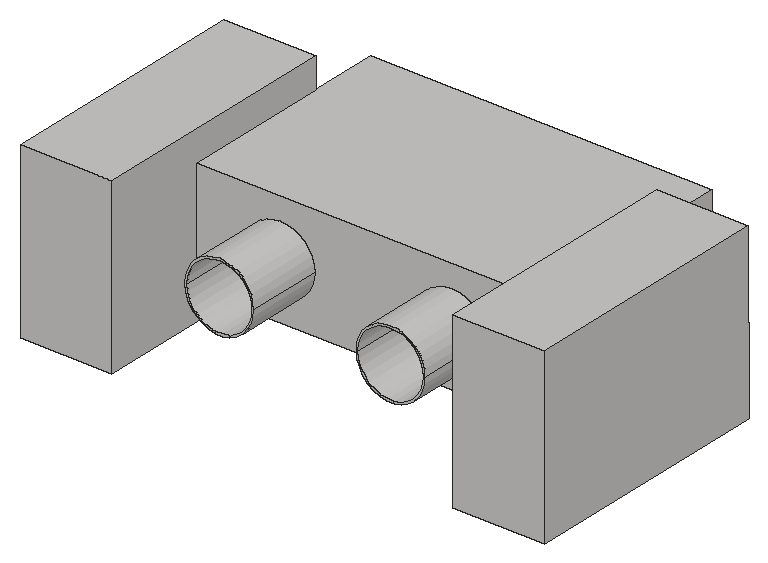
Revit family
Parameters
  Width = 2' - 0 1/8"
  Unit Weight = "38.0 lbs"
  URL = "http://www.titus-hvac.com/"
  UL = "181"
  SteriLoc Liner = Liner Option = 3  # no
  Outlet Width = Width  # 2' - 0 1/8"
  Outlet Height = Height  # 0' - 8"
  Nominal Width = Width + 1' 1"  # 3' - 1 1/8"
  Nominal Length = Length + Inlet Length  # 1' - 10 7/8"
  Nominal Inlet Size = 0' - 5"
  Nominal Height = 1' - 0 1/4"
  NFPA = "90A"
  Model = "DEDV"
  Min. Air Flow = 0 CFM
  Max. Air Flow = 350 CFM
  Material = Steel
  Manufacturer = "Titus"
  Length = 1' - 3 1/2"
  Inlet Void Radius = Inlet Radius - 0' 0 1/8"  # 0' - 2 5/16"
  Inlet Radius = Inlet Diameter / 2  # 0' - 2 7/16"
  Inlet Offset = 1' - 0 1/8"
  Inlet Length = 0' - 7 3/8"
  Inlet Diameter = Nominal Inlet Size - 0' 0 1/8"  # 0' - 4 7/8"
  Height = 0' - 8"
  Heat Air Pressure Drop [instance] = 0.00 in-wg
  Heat Air Flow [instance] = 0 CFM
  Fiber Free Liner = Liner Option = 2  # no
  Duct Radius = Nominal Inlet Size / 2  # 0' - 2 1/2"
  Design Air Flow [instance] = 0 CFM
  Description = "Dual Duct Terminal Unit, Direct Digital Control, Pressure Independent, without Integral Mixer/Attenuator"
  Liner Option = 0
  Cool Air Pressure Drop [instance] = 0.00 in-wg
  Cool Air Flow [instance] = 0 CFM
  Control Box Offset = 0' - 5 3/8"
  CADworks URL = "www.CADworks.net"
  Assembly Code = "D3040100"
  1/2" Fiberglass Liner = Liner Option = 0  # yes
  1" Fiberglass Liner = Liner Option = 1  # no
Reference planes (in)
  plane 1 "Center (Front/Back)": y = 0
  plane 2: z = 0
  plane 3 "Center (Left/Right)": x = 0
  plane 4: y = 7.75
  plane 5: y = -7.75
  plane 6: x = 12.0625
  plane 7: x = -12.0625
  plane 8: z = 4
  plane 9: z = -4
  plane 10: y = -15.125
  plane 11: x = -6.0625
  plane 12: x = 6.0625
  plane 13: y = -13.125
  plane 14: x = 18.5625
  plane 15: x = -18.5625
  plane 16: z = -6.125
  plane 17: z = 6.125
Forms (in)
  Extrusion 1, solid, material "Steel" <- "Material"
    sketch origin (33, 0, -4) x (1, 0, 0) y (0, 1, 0)
      loop
        line (-45.0625, 7.75) -> (-45.0625, -7.75) -> (-20.9375, -7.75) -> (-20.9375, 7.75) -> (-45.0625, 7.75)
    from 0 to 8
  Extrusion 2, solid, material "Steel" <- "Material"
    sketch origin (4.46221, 44.62435, -28.76939) x (1, 0, 0) y (0, 0, 1)
      loop
        line (7.60029, 34.89439) -> (7.60029, 22.64439) -> (14.10029, 22.64439) -> (14.10029, 34.89439) -> (7.60029, 34.89439)
    from 41.74935 to 59.74935
  Extrusion 3, solid, material "Steel" <- "Material"
    sketch origin (13.94938, 6.875, -28.76939) x (-1, 0, 0) y (0, 0, -1)
      loop
        line (26.01188, -34.89439) -> (32.51188, -34.89439) -> (32.51188, -22.64439) -> (26.01188, -22.64439) -> (26.01188, -34.89439)
    from 4 to 22
  Extrusion 4, solid, material "Steel" <- "Material"
    sketch origin (11.5, -16.75, 0) x (1, 0, 0) y (0, 0, 1)
      loop
        circle (-17.5625, 0) r 2.4375
    from -9 to -3.625
  Extrusion 5, solid, material "Steel" <- "Material"
    sketch origin (11.625, -7.75, 0) x (1, 0, 0) y (0, 0, 1)
      loop
        circle (-5.5625, 0) r 2.4375
    from 0 to 5.375
  Extrusion 6, void
    sketch origin (0, 0, 0) x (1, 0, 0) y (0, 0, 1)
      loop
        circle (-6.0625, 0) r 2.3125
    from 1.125 to 13.125
  Extrusion 7, void
    sketch origin (0, 0, 0) x (1, 0, 0) y (0, 0, 1)
      loop
        circle (6.0625, 0) r 2.3125
    from 1.125 to 13.125
Cuts and joins
  Extrusion 6, Extrusion 7 cuts Extrusion 1
  Extrusion 6 cuts Extrusion 4
  Extrusion 7 cuts Extrusion 5
Dimensions and locks (in)
  "Height": plane 8 to plane 9
  equal spacing: plane 8, plane 2, plane 9
  "Width": plane 7 to plane 6
  equal spacing: plane 7, plane 3 "Center (Left/Right)", plane 6
  "Length": plane 4 to plane 5
  equal spacing: plane 4, plane 1 "Center (Front/Back)", plane 5
  locked: Extrusion 2 to Extrusion 2 at 18
  locked: Extrusion 2 sketch curve to Extrusion 2 sketch curve at 6.5
  locked: Extrusion 2 sketch curve to Extrusion 2 sketch curve at 12.25
  equal spacing: Extrusion 2 sketch curve, plane 2, Extrusion 2 sketch curve
  locked: Extrusion 3 to Extrusion 3 at 18
  locked: Extrusion 3 sketch curve to Extrusion 3 sketch curve at 6.5
  locked: Extrusion 3 sketch curve to Extrusion 3 sketch curve at 12.25
  equal spacing: Extrusion 3 sketch curve, plane 2, Extrusion 3 sketch curve
  "Inlet Length": plane 5 to plane 10
  "Inlet Offset": plane 12 to plane 11
  equal spacing: plane 12, plane 3 "Center (Left/Right)", plane 11
  "Control Box Offset": plane 5 to plane 13
  "Inlet Radius": plane 11 to cut or joined group of Extrusion 4, Extrusion 6
  "Inlet Radius": plane 12 to cut or joined group of Extrusion 5, Extrusion 7
  "Inlet Radius": radius of Extrusion 4 sketch curve
  "Inlet Radius": radius of Extrusion 5 sketch curve
  "Inlet Void Radius": radius of Extrusion 6 sketch curve
  "Inlet Void Radius": radius of Extrusion 7 sketch curve
  aligned and locked: plane 4 to Extrusion 1
  aligned and locked: plane 7 to Extrusion 1
  aligned and locked: plane 5 to Extrusion 1
  aligned and locked: plane 6 to Extrusion 1
  aligned and locked: plane 8 to Extrusion 1
  aligned and locked: plane 9 to Extrusion 1
  aligned and locked: plane 10 to Extrusion 2
  aligned and locked: plane 10 to Extrusion 3
  aligned and locked: plane 13 to Extrusion 4
  aligned and locked: plane 5 to Extrusion 4
  aligned and locked: plane 13 to Extrusion 5
  aligned and locked: plane 5 to Extrusion 5
  aligned and locked: Extrusion 6 to plane 13
  aligned and locked: plane 13 to cut or joined group of Extrusion 4, Extrusion 6
  aligned and locked: plane 13 to cut or joined group of Extrusion 5, Extrusion 7  (x2)
  aligned and locked: Extrusion 7 to plane 13
  aligned and locked: Extrusion 2 to cut or joined group of Extrusion 1, Extrusion 6, Extrusion 7
  aligned and locked: plane 6 to cut or joined group of Extrusion 1, Extrusion 6, Extrusion 7
  aligned and locked: Extrusion 3 to cut or joined group of Extrusion 1, Extrusion 6, Extrusion 7
  aligned and locked: cut or joined group of Extrusion 1, Extrusion 6, Extrusion 7 to plane 7
Automatic sketch dimensions
  Extrusion 1 sketch curve to plane 5 = 0' - 0"
  plane 7 to Extrusion 1 sketch curve = 0' - 0"
  plane 6 to Extrusion 1 sketch curve = 0' - 0"
  Extrusion 1 sketch curve to plane 4 = 0' - 0"
  plane 6 to Extrusion 2 sketch curve = 0' - 0"
  Extrusion 3 sketch curve to plane 7 = 0' - 0"
  Extrusion 4 sketch curve to level = 0' - 0"
  Extrusion 4 sketch curve to plane 11 = 0' - 0"
  Extrusion 5 sketch curve to level = 0' - 0"
  Extrusion 5 sketch curve to plane 12 = 0' - 0"
  Extrusion 6 sketch curve to level = 0' - 0"
  Extrusion 6 sketch curve to plane 11 = 0' - 0"
  Extrusion 7 sketch curve to level = 0' - 0"
  Extrusion 7 sketch curve to plane 12 = 0' - 0"
Connectors (in)
  hvac at (-6.0625, -13.125, 0), driven by "Duct Radius", driven by "Heat Air Pressure Drop", driven by "Heat Air Flow"
    settings: on cut or joined group of Extrusion 4, Extrusion 6, index 1
  hvac at (6.0625, -13.125, 0), driven by "Duct Radius", driven by "Cool Air Pressure Drop", driven by "Cool Air Flow"
    settings: on cut or joined group of Extrusion 5, Extrusion 7, index 2
  hvac at (0, 7.75, 0), driven by "Outlet Height", driven by "Outlet Width", driven by "Design Air Flow"
    settings: on cut or joined group of Extrusion 1, Extrusion 6, Extrusion 7, index 3
